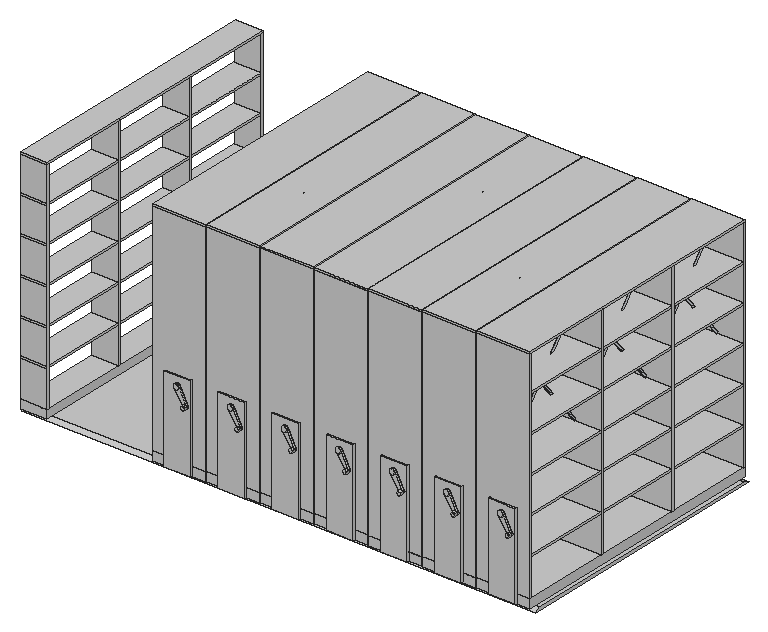
Revit family "Стеллаж передвижной архивный ДиКом", category Оборудование, Revit 2017
Family settings
  Размер круглого соединителя = Использовать диаметр
  Тип детали = Нормальный
  На основе рабочей плоскости = Нет
  Всегда вертикально = Да
  При загрузке вырезать с полостями = Нет
  Общий = Нет
  Точка расчета площади = Нет
Parameters (values of type "2625мм")
  Ширина = 5800.0 mm
  Примечание КР [instance] = ""
  Примечание АР [instance] = ""
  Примечание = ""
  Обозначение = "СДМ"
  Наименование = "Стеллаж передвижной с ручным приводом, 7 мобильных рядов по 3 метровых секции, 6 полок"
  Материал = Металл окрашенный светло-серый
  Масса = "1500"
  Код оборудования = ""
  Keynote = ""
  Изготовитель = "Severin"
  Завод = "ДиКом"
  Единицы = "компл."
  Model = ""
  Глубина = 3040.0 mm
  Высота = 2625.0 mm
Types (2, lengths in mm): name | Наименование | Изготовитель | Model | Высота
  2290мм | "Стеллаж передвижной с ручным приводом, 7 мобильных рядов по 3 метровых секции, 5 полок" | 0.0 | "ТХ" | 2290.0
  2625мм | "Стеллаж передвижной с ручным приводом, 7 мобильных рядов по 3 метровых секции, 6 полок" | "Severin" | "" | 2625.0
Reference planes
  plane 1 "По центру (Вперед/Назад)": y = 0
  plane 2: z = 0
  plane 3 "По центру (Влево/Вправо)": x = 0
  plane 4: x = -2900
  plane 5: x = 2900
  plane 6: y = -1500
  plane 7: y = 1500
  plane 8: y = 1520
  plane 9: y = -1520
  plane 10: z = 2605
  plane 11: z = 2625
  plane 12: z = 130
  plane 13: z = 542.5
  plane 14: z = 955
  plane 15: z = 1367.5
  plane 16: z = 1780
  plane 17: z = 2192.5
Forms (mm)
  Extrusion 1, solid, material "Металл окрашенный светло-серый" <- "Материал"
    sketch origin (-2900, 1160, 1200) x (0, 1, 0) y (0, 0, 1)
      loop
        line (340, -1200) -> (288.038, -1170) -> (-2608.038, -1170) -> (-2660, -1200) -> (340, -1200)
    from 0 to 5800
  Extrusion 2, solid, material "Металл окрашенный светло-серый" <- "Материал"
    sketch origin (0, 0, 0) x (1, 0, 0) y (0, 1, 0)
      loop
        line (-2900, 1520) -> (-2900, -1520) -> (-2600, -1520) -> (-2600, 1520) -> (-2900, 1520)
    from 30 to 130
  Extrusion 3, solid, material "Металл окрашенный светло-серый" <- "Материал"
    sketch origin (-2900, 1160, 1200) x (0, 1, 0) y (0, 0, 1)
      loop
        line (360, -1070) -> (360, 1405) -> (340, 1405) -> (340, -1070) -> (360, -1070)
      loop
        line (-2680, -1070) -> (-2660, -1070) -> (-2660, 1405) -> (-2680, 1405) -> (-2680, -1070)
      loop
        line (-650, -1070) -> (-650, 1405) -> (-670, 1405) -> (-670, -1070) -> (-650, -1070)
      loop
        line (-1650, -1070) -> (-1650, 1405) -> (-1670, 1405) -> (-1670, -1070) -> (-1650, -1070)
    from 0 to 300
  Extrusion 4, solid, material "Металл окрашенный светло-серый" <- "Материал"
    sketch origin (-2900, 1160, 1200) x (0, 1, 0) y (0, 0, 1)
      loop
        line (360, 1405) -> (360, 1425) -> (-2680, 1425) -> (-2680, 1405) -> (360, 1405)
    from 0 to 300
  Extrusion 5, solid, material "Металл окрашенный светло-серый" <- "Материал"
    sketch origin (-2900, 1160, 775) x (0, 1, 0) y (0, 0, 1)
      loop
        line (360, 1417.5) -> (360, 1437.5) -> (-2680, 1437.5) -> (-2680, 1417.5) -> (360, 1417.5)
    from 0 to 300
  Extrusion 6, solid, material "Металл окрашенный светло-серый" <- "Материал"
    sketch origin (-2900, 1160, 365) x (0, 1, 0) y (0, 0, 1)
      loop
        line (360, 1415) -> (360, 1435) -> (-2680, 1435) -> (-2680, 1415) -> (360, 1415)
    from 0 to 300
  Extrusion 7, solid, material "Металл окрашенный светло-серый" <- "Материал"
    sketch origin (-2900, 1160, -45) x (0, 1, 0) y (0, 0, 1)
      loop
        line (360, 1412.5) -> (360, 1432.5) -> (-2680, 1432.5) -> (-2680, 1412.5) -> (360, 1412.5)
    from 0 to 300
  Extrusion 8, solid, material "Металл окрашенный светло-серый" <- "Материал"
    sketch origin (-2900, 1160, -455) x (0, 1, 0) y (0, 0, 1)
      loop
        line (360, 1410) -> (360, 1430) -> (-2680, 1430) -> (-2680, 1410) -> (360, 1410)
    from 0 to 300
  Extrusion 9, solid, material "Металл окрашенный светло-серый" <- "Материал"
    sketch origin (-2900, 1160, -865) x (0, 1, 0) y (0, 0, 1)
      loop
        line (360, 1407.5) -> (360, 1427.5) -> (-2680, 1427.5) -> (-2680, 1407.5) -> (360, 1407.5)
    from 0 to 300
Dimensions and locks
  "Ширина": plane 4 to plane 5
  equal spacing: plane 4, plane 3 "По центру (Влево/Вправо)", plane 5
  locked: plane 10 to plane 11 at 20
  locked: Extrusion 5 to Extrusion 5 at 20
  locked: Extrusion 6 to Extrusion 6 at 20
  locked: Extrusion 7 to Extrusion 7 at 20
  locked: Extrusion 8 to Extrusion 8 at 20
  locked: Extrusion 9 to Extrusion 9 at 20
  equal spacing: plane 12, plane 13, plane 14, plane 15, plane 16, plane 17, plane 10
  "Глубина": plane 9 to plane 8
  "Высота": plane 11 to level
  aligned and locked: level to plane 2
  aligned and locked: Extrusion 1 to plane 4
  aligned and locked: plane 5 to Extrusion 1
  aligned and locked: plane 8 to Extrusion 2 sketch curve
  aligned and locked: Extrusion 2 sketch curve to plane 9
  aligned and locked: plane 10 to Extrusion 3 sketch curve  (x3)
  aligned and locked: Extrusion 3 sketch curve to plane 10
  aligned and locked: plane 11 to Extrusion 4 sketch curve
  aligned and locked: plane 13 to Extrusion 9
  aligned and locked: plane 14 to Extrusion 8
  aligned and locked: plane 15 to Extrusion 7
  aligned and locked: plane 16 to Extrusion 6
  aligned and locked: plane 17 to Extrusion 5
Automatic sketch dimensions
  Extrusion 1 sketch curve to level = 0.0 mm
  Extrusion 1 sketch curve to plane 6 = 0.0 mm
  Extrusion 1 sketch curve to plane 7 = 0.0 mm
  Extrusion 1 sketch curve to plane 6 = 51.962 mm
  plane 7 to Extrusion 1 sketch curve = 51.962 mm
  level to Extrusion 1 sketch curve = 30.0 mm
  Extrusion 2 sketch curve to plane 4 = 0.0 mm
  plane 4 to Extrusion 2 sketch curve = 300.0 mm
  Extrusion 3 sketch curve to plane 9 = 0.0 mm
  Extrusion 3 sketch curve to plane 6 = 0.0 mm
  plane 12 to Extrusion 3 sketch curve = 0.0 mm  (x4)
  Extrusion 3 sketch curve to plane 7 = 0.0 mm
  Extrusion 3 sketch curve to plane 8 = 0.0 mm
  plane 1 "По центру (Вперед/Назад)" to Extrusion 3 sketch curve = 510.0 mm
  Extrusion 3 sketch curve to Extrusion 3 sketch curve = 20.0 mm  (x2)
  Extrusion 3 sketch curve to plane 1 "По центру (Вперед/Назад)" = 490.0 mm
  Extrusion 4 sketch curve to plane 9 = 0.0 mm
  Extrusion 4 sketch curve to plane 8 = 0.0 mm
  plane 10 to Extrusion 4 sketch curve = 0.0 mm
  Extrusion 5 sketch curve to plane 9 = 0.0 mm
  Extrusion 5 sketch curve to plane 8 = 0.0 mm
  plane 17 to Extrusion 5 sketch curve = 0.0 mm
  Extrusion 5 sketch curve to plane 17 = 20.0 mm
  Extrusion 6 sketch curve to plane 9 = 0.0 mm
  Extrusion 6 sketch curve to plane 8 = 0.0 mm
  plane 16 to Extrusion 6 sketch curve = 0.0 mm
  Extrusion 6 sketch curve to plane 16 = 20.0 mm
  Extrusion 7 sketch curve to plane 9 = 0.0 mm
  Extrusion 7 sketch curve to plane 8 = 0.0 mm
  plane 15 to Extrusion 7 sketch curve = 0.0 mm
  Extrusion 7 sketch curve to plane 15 = 20.0 mm
  Extrusion 8 sketch curve to plane 9 = 0.0 mm
  Extrusion 8 sketch curve to plane 8 = 0.0 mm
  plane 14 to Extrusion 8 sketch curve = 0.0 mm
  Extrusion 8 sketch curve to plane 14 = 20.0 mm
  Extrusion 9 sketch curve to plane 9 = 0.0 mm
  Extrusion 9 sketch curve to plane 8 = 0.0 mm
  plane 13 to Extrusion 9 sketch curve = 0.0 mm
  Extrusion 9 sketch curve to plane 13 = 20.0 mm
Nested families
  nested 1: "Ряд стеллажа передвижного на 3 секции" at (2550, 0, 0), Высота <- "Высота", type "Тип"
  nested 2: "Ряд стеллажа передвижного на 3 секции" at (1940, 0, 0), Высота <- "Высота", type "Тип"
  nested 3: "Ряд стеллажа передвижного на 3 секции" at (1330, 0, 0), Высота <- "Высота", type "Тип"
  nested 4: "Ряд стеллажа передвижного на 3 секции" at (720, 0, 0), Высота <- "Высота", type "Тип"
  nested 5: "Ряд стеллажа передвижного на 3 секции" at (110, 0, 0), Высота <- "Высота", type "Тип"
  nested 6: "Ряд стеллажа передвижного на 3 секции" at (-500, 0, 0), Высота <- "Высота", type "Тип"
  nested 7: "Ряд стеллажа передвижного на 3 секции" at (-1110, 0, 0), Высота <- "Высота", type "Тип"
Definition of nested family "Ряд стеллажа передвижного на 3 секции"
  Parameters (values of type "Тип")
    Материал = none
    Keynote = ""
    Model = "ТХ"  # constant formula
    Высота [instance] = 2625.0 mm
  Reference planes
    plane 1 "По центру (Вперед/Назад)": y = 0
    plane 2: z = 0
    plane 3 "По центру (Влево/Вправо)": x = 0
    plane 4: x = 300
    plane 5: x = -300
    plane 6: y = -1540
    plane 7: z = 2625
    plane 8: z = 130
    plane 9: z = 2605
  Forms (mm)
    Extrusion 1, solid, material <- "Материал"
      sketch origin (2750, 0, 0) x (1, 0, 0) y (0, 1, 0)
        loop
          line (-3050, 1520) -> (-3050, -1520) -> (-2450, -1520) -> (-2450, 1520) -> (-3050, 1520)
      from 30 to 130
    Extrusion 2, solid, material <- "Материал"
      sketch origin (-150, 1160, 1200) x (0, 1, 0) y (0, 0, 1)
        loop
          line (360, -1070) -> (360, 1405) -> (340, 1405) -> (340, -1070) -> (360, -1070)
        loop
          line (-2680, -1070) -> (-2660, -1070) -> (-2660, 1405) -> (-2680, 1405) -> (-2680, -1070)
        loop
          line (-650, -1070) -> (-650, 1405) -> (-670, 1405) -> (-670, -1070) -> (-650, -1070)
        loop
          line (-1650, -1070) -> (-1650, 1405) -> (-1670, 1405) -> (-1670, -1070) -> (-1650, -1070)
      from -150 to 450
    Extrusion 3, solid, material <- "Материал"
      sketch origin (-150, 1160, 1200) x (0, 1, 0) y (0, 0, 1)
        loop
          line (360, 1405) -> (360, 1425) -> (-2680, 1425) -> (-2680, 1405) -> (360, 1405)
      from -150 to 450
    Extrusion 4, solid, material <- "Материал"
      sketch origin (-150, 1160, 775) x (0, 1, 0) y (0, 0, 1)
        loop
          line (340, 1417.5) -> (340, 1437.5) -> (-2660, 1437.5) -> (-2660, 1417.5) -> (340, 1417.5)
      from -150 to 450
    Extrusion 5, solid, material <- "Материал"
      sketch origin (-150, 1160, 365) x (0, 1, 0) y (0, 0, 1)
        loop
          line (340, 1415) -> (340, 1435) -> (-2660, 1435) -> (-2660, 1415) -> (340, 1415)
      from -150 to 450
    Extrusion 6, solid, material <- "Материал"
      sketch origin (-150, 1160, -45) x (0, 1, 0) y (0, 0, 1)
        loop
          line (340, 1412.5) -> (340, 1432.5) -> (-2660, 1432.5) -> (-2660, 1412.5) -> (340, 1412.5)
      from -150 to 450
    Extrusion 7, solid, material <- "Материал"
      sketch origin (-150, 1160, -455) x (0, 1, 0) y (0, 0, 1)
        loop
          line (340, 1410) -> (340, 1430) -> (-2660, 1430) -> (-2660, 1410) -> (340, 1410)
      from -150 to 450
    Extrusion 8, solid, material <- "Материал"
      sketch origin (-150, 1160, -865) x (0, 1, 0) y (0, 0, 1)
        loop
          line (340, 1407.5) -> (340, 1427.5) -> (-2660, 1427.5) -> (-2660, 1407.5) -> (340, 1407.5)
      from -150 to 450
    Extrusion 9, solid, material <- "Материал"
      sketch origin (0, 0, 0) x (1, 0, 0) y (0, 1, 0)
        loop
          line (-150, -1520) -> (-150, -1540) -> (150, -1540) -> (150, -1520) -> (-150, -1520)
      from 30 to 1000
    Extrusion 10, solid, material <- "Материал"
      sketch origin (-100.003, -1540, 1073.214) x (-0.866025, 0, -0.5) y (-0.5, 0, 0.866025)
        loop
          circle (0, -200) r 30
      from 0 to -20
    Extrusion 11, solid, material <- "Материал"
      sketch origin (-0.003, -1540, 900.009) x (-0.866025, 0, -0.5) y (-0.5, 0, 0.866025)
        loop
          circle (0, -200) r 20
      from -20 to -50
    Extrusion 12, solid, material <- "Материал"
      sketch origin (-100.003, -1540, 1073.214) x (-0.866025, 0, -0.5) y (-0.5, 0, 0.866025)
        loop
          line (-30, -200) -> (-20, -400)
          arc (-20, -400) -> (0, -420) -> (20, -400) r 20
          line (20, -400) -> (30.038, -200) -> (-30, -200)
      from 0 to -20
    Extrusion 13, solid
      sketch origin (0, 0, 0) x (0, 1, 0) y (0, 0, 1)
        loop
          line (502.929, 1394.571) -> (517.071, 1380.429) -> (1507.071, 2597.929) -> (1492.929, 2612.071) -> (502.929, 1394.571)
        loop
          line (-1507.071, 1394.571) -> (-1492.929, 1380.429) -> (-502.929, 2597.929) -> (-517.071, 2612.071) -> (-1507.071, 1394.571)
        loop
          line (482.929, 2612.071) -> (-497.071, 1394.571) -> (-482.929, 1380.429) -> (497.071, 2597.929) -> (482.929, 2612.071)
      from -5 to 0
    Extrusion 14, solid
      sketch origin (0, 0, 0) x (0, 1, 0) y (0, 0, 1)
        loop
          line (1507.071, 1394.571) -> (517.071, 2612.071) -> (502.929, 2597.929) -> (1492.929, 1380.429) -> (1507.071, 1394.571)
        loop
          line (-497.071, 2597.929) -> (482.929, 1380.429) -> (497.071, 1394.571) -> (-482.929, 2612.071) -> (-497.071, 2597.929)
        loop
          line (-502.929, 1394.571) -> (-1492.929, 2612.071) -> (-1507.071, 2597.929) -> (-517.071, 1380.429) -> (-502.929, 1394.571)
      from 0 to 5
  Dimensions and locks
    locked: plane 7 to plane 9 at 20
    locked: Extrusion 4 to Extrusion 4 at 20
    locked: Extrusion 5 to Extrusion 5 at 20
    locked: Extrusion 6 to Extrusion 6 at 20
    locked: Extrusion 7 to Extrusion 7 at 20
    locked: Extrusion 8 to Extrusion 8 at 20
    "Высота": plane 7 to level
    equal spacing: Extrusion 3, Extrusion 4, Extrusion 5, Extrusion 6, Extrusion 7, Extrusion 8, plane 8
    locked: plane 8 to level at 130
    aligned and locked: level to plane 2
    aligned and locked: plane 4 to Extrusion 3
    aligned and locked: Extrusion 3 to plane 5
    aligned and locked: Extrusion 2 to Extrusion 3  (x2)
    aligned and locked: Extrusion 2 to Extrusion 4  (x2)
    aligned and locked: Extrusion 2 to Extrusion 5  (x2)
    aligned and locked: Extrusion 2 to Extrusion 6  (x2)
    aligned and locked: Extrusion 2 to Extrusion 7  (x2)
    aligned and locked: Extrusion 2 to Extrusion 8  (x2)
    aligned and locked: Extrusion 1 to Extrusion 2
    aligned and locked: Extrusion 2 to Extrusion 1
    aligned and locked: plane 7 to Extrusion 3
    aligned and locked: Extrusion 6 to Extrusion 2  (x2)
    aligned and locked: Extrusion 5 to Extrusion 2  (x2)
    aligned and locked: Extrusion 4 to Extrusion 2  (x2)
    aligned and locked: Extrusion 7 to Extrusion 2  (x2)
    aligned and locked: Extrusion 8 to Extrusion 2  (x2)
  Automatic sketch dimensions
    Extrusion 1 sketch curve to plane 5 = 0.0 mm
    Extrusion 1 sketch curve to plane 4 = 0.0 mm
    plane 6 to Extrusion 1 sketch curve = 20.0 mm
    Extrusion 1 sketch curve to plane 1 "По центру (Вперед/Назад)" = 1520.0 mm
    Extrusion 2 sketch curve to plane 9 = 0.0 mm  (x3)
    Extrusion 2 sketch curve to plane 8 = 0.0 mm  (x3)
    plane 8 to Extrusion 2 sketch curve = 0.0 mm
    plane 9 to Extrusion 2 sketch curve = 0.0 mm
    plane 6 to Extrusion 2 sketch curve = 20.0 mm
    Extrusion 2 sketch curve to Extrusion 2 sketch curve = 20.0 mm  (x4)
    plane 1 "По центру (Вперед/Назад)" to Extrusion 2 sketch curve = 510.0 mm
    Extrusion 2 sketch curve to plane 1 "По центру (Вперед/Назад)" = 490.0 mm
    Extrusion 2 sketch curve to Extrusion 2 sketch curve = 990.0 mm
    Extrusion 3 sketch curve to plane 9 = 0.0 mm
    Extrusion 3 sketch curve to plane 7 = 0.0 mm
    plane 6 to Extrusion 3 sketch curve = 20.0 mm
    Extrusion 3 sketch curve to plane 1 "По центру (Вперед/Назад)" = 1520.0 mm
    plane 6 to Extrusion 4 sketch curve = 40.0 mm
    Extrusion 4 sketch curve to plane 9 = 392.5 mm
    Extrusion 4 sketch curve to plane 1 "По центру (Вперед/Назад)" = 1500.0 mm
    Extrusion 4 sketch curve to Extrusion 4 sketch curve = 20.0 mm
    plane 6 to Extrusion 5 sketch curve = 40.0 mm
    Extrusion 5 sketch curve to plane 1 "По центру (Вперед/Назад)" = 1500.0 mm
    Extrusion 5 sketch curve to plane 9 = 825.0 mm
    Extrusion 5 sketch curve to Extrusion 5 sketch curve = 20.0 mm
    plane 6 to Extrusion 6 sketch curve = 40.0 mm
    Extrusion 6 sketch curve to plane 1 "По центру (Вперед/Назад)" = 1500.0 mm
    plane 8 to Extrusion 6 sketch curve = 1237.5 mm
    Extrusion 6 sketch curve to Extrusion 6 sketch curve = 20.0 mm
    plane 6 to Extrusion 7 sketch curve = 40.0 mm
    Extrusion 7 sketch curve to plane 1 "По центру (Вперед/Назад)" = 1500.0 mm
    plane 8 to Extrusion 7 sketch curve = 825.0 mm
    Extrusion 7 sketch curve to Extrusion 7 sketch curve = 20.0 mm
    plane 6 to Extrusion 8 sketch curve = 40.0 mm
    plane 8 to Extrusion 8 sketch curve = 432.5 mm
    Extrusion 8 sketch curve to plane 1 "По центру (Вперед/Назад)" = 1500.0 mm
    Extrusion 8 sketch curve to Extrusion 8 sketch curve = 20.0 mm
    Extrusion 9 sketch curve to plane 6 = 0.0 mm
    Extrusion 9 sketch curve to plane 3 "По центру (Влево/Вправо)" = 150.0 mm
    plane 3 "По центру (Влево/Вправо)" to Extrusion 9 sketch curve = 150.0 mm
    plane 6 to Extrusion 9 sketch curve = 20.0 mm
    Extrusion 10 sketch curve to plane 3 "По центру (Влево/Вправо)" = 0.003 mm
    plane 8 to Extrusion 10 sketch curve = 770.009 mm
    plane 3 "По центру (Влево/Вправо)" to Extrusion 11 sketch curve = 99.997 mm
    plane 8 to Extrusion 11 sketch curve = 596.804 mm
    plane 3 "По центру (Влево/Вправо)" to Extrusion 12 sketch curve = 25.978 mm
    plane 8 to Extrusion 12 sketch curve = 785.009 mm
    Extrusion 12 sketch curve to Extrusion 12 sketch curve = 10.0 mm
    Extrusion 12 sketch curve to Extrusion 12 sketch curve = 20.0 mm
    Extrusion 12 sketch curve to Extrusion 12 sketch curve = 60.038 mm
    Extrusion 12 sketch curve to Extrusion 12 sketch curve = 200.0 mm
    plane 6 to Extrusion 13 sketch curve = 32.929 mm
    Extrusion 13 sketch curve to Extrusion 13 sketch curve = 14.142 mm  (x10)
    plane 9 to Extrusion 13 sketch curve = 7.071 mm  (x3)
    plane 1 "По центру (Вперед/Назад)" to Extrusion 13 sketch curve = 517.071 mm
    Extrusion 13 sketch curve to plane 9 = 7.071 mm  (x3)
    Extrusion 13 sketch curve to plane 1 "По центру (Вперед/Назад)" = 482.929 mm
    plane 1 "По центру (Вперед/Назад)" to Extrusion 13 sketch curve = 497.071 mm
    Extrusion 13 sketch curve to plane 1 "По центру (Вперед/Назад)" = 502.929 mm
    Extrusion 13 sketch curve to Extrusion 13 sketch curve = 995.858 mm
    Extrusion 13 sketch curve to plane 9 = 1210.429 mm
    Extrusion 13 sketch curve to Extrusion 13 sketch curve = 1203.358 mm
    Extrusion 14 sketch curve to plane 9 = 7.071 mm  (x3)
    plane 6 to Extrusion 14 sketch curve = 32.929 mm
    plane 9 to Extrusion 14 sketch curve = 7.071 mm  (x3)
    Extrusion 14 sketch curve to Extrusion 14 sketch curve = 14.142 mm  (x9)
    plane 1 "По центру (Вперед/Назад)" to Extrusion 14 sketch curve = 517.071 mm
    Extrusion 14 sketch curve to plane 1 "По центру (Вперед/Назад)" = 482.929 mm
    Extrusion 14 sketch curve to Extrusion 14 sketch curve = 995.858 mm
    Extrusion 14 sketch curve to plane 9 = 1210.429 mm
    Extrusion 14 sketch curve to Extrusion 14 sketch curve = 0.0 mm
    plane 1 "По центру (Вперед/Назад)" to Extrusion 14 sketch curve = 497.071 mm
    Extrusion 14 sketch curve to plane 1 "По центру (Вперед/Назад)" = 502.929 mm
    Extrusion 14 sketch curve to Extrusion 14 sketch curve = 1217.5 mm
    radius of Extrusion 10 sketch curve = 30.0 mm
    radius of Extrusion 11 sketch curve = 20.0 mm
